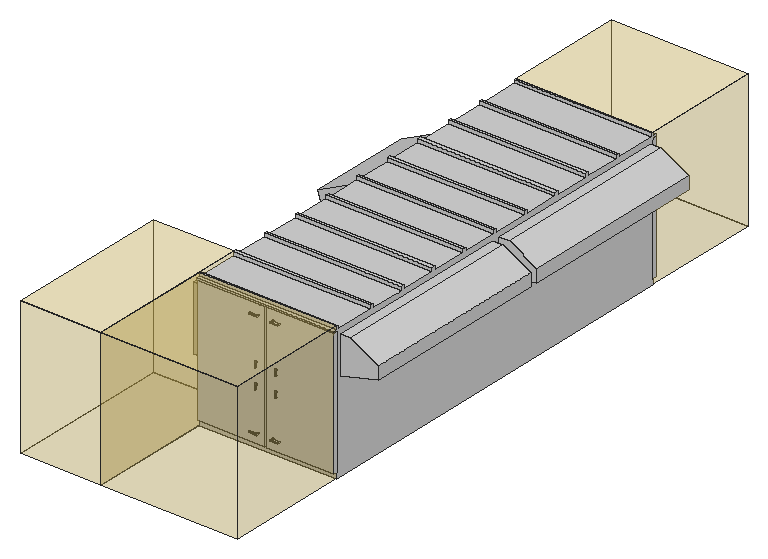
Revit family "Ventilator-RenewAire-Energy-Recovery-LE10XRTV", category Mechanical Equipment, Revit 2015
Parameters (values of type "10.0 HP 208-230 Three Phase")
  Voltage = "208-230"
  Ventilation Type = "Static Plate, Heat and Humidity Transfer"
  Unit Width = "205-1/2\""
  Unit Weight - Modular = "1,493-2,057 lbs."
  Unit Weight - Assembled = "3,031-3,993 lbs"
  Unit Length = "111-1/4\""
  Unit Height = "71-1/4\""
  Unit = Metal - RenewAire - Anodized - Gray Text
  URL = "www.renewaire.com"
  Typical Airflow Range = "2,500-11,000 CFM"
  Standard Features = "TEFC Premium efficiency motors, Motor starters, Non-fused disconnect, 24 VAC transformer/relay package, Rubber vibration isolators"
  Shipping Weight - Assembled = "4,433 lbs."
  Service Area Visibility = yes
  Service Area Box = Interference - RenewAire - Smooth - Light - Gold
  Revit Object Download Link = ""
  Phase = "Three"
  Options = "Integrated programmable controls, Fused disconnect, Double wall construction, Factory supplied and mounted variable frequency drives (VFDs) - one or both airstreams, Class 1 low-leakage motorized isolation dampers - OA, RA or both airstreams, Qty. 2 Factory mounted filter alarms, Exterior Paint - white, custom colors, Spring Vibration Isolators"
  Number Motors = "Qty. 2, Belt drive blower/ standard motor packages with choice of adjustable sheaves for low, medium or high blower speed"
  Model = "LE10XRTV"
  Minimum Circuit Amps = "60.8A"
  Maximum Overcurrent Protection = "80A"
  Max. Shipping Height - Modular = "78\""
  Max. Shipping Width - Assembled = "90\""
  Max. Shipping Weight - Module 2 = "2,245 lbs."
  Max. Shipping Weight - Module 1 = "2,277 lbs."
  Max. Shipping Width - Modular = "90\""
  Max. Shipping Length - Assembled = "240\""
  Max. Shipping Length - Modular = "120\""
  Max. Shipping Height - Assembled = "78\""
  Manufacturer = "RenewAire LLC"
  Frequency = "60 HZ"
  FLA per Motor = "27.0-24.4"
  Description = "Energy Recovery Ventilator"
  Connector Base Material = Glass - With - Transparency
  Accessories = "Filters - MERV 13, 2\" or 4\"; MERV 8, 4\"  (shipped loose), Roof curb - standard 14\", Curb wind clip,  Digital time clock - wall mount(TC7D-W), in exterior enclosure (TC7D-E), Motion occupancy control - ceiling mount(MC-C), wall mount(MC-W), Carbon Dioxide control - duct mount(CO2-D), wall mount (CO2-W), Electric duct heater – EK series (1-60 kW), EH series (61-175 kW); designed for indoor ductwork installation only, Indirect gas-fired duct furnace - GH series (50-400 MBH), installed downstream of any fans"
  AHRI 1060 Certified Core = "Ten L125-G5"
Types (14): name | Voltage | Phase | Minimum Circuit Amps | Maximum Overcurrent Protection | FLA per Motor | Accessories
  (no name) | "208-230" | "Three" | "60.8A" | "80A" | "27.0-24.4" | "Filters - MERV 13, 2\" or 4\"; MERV 8, 4\"  (shipped loose), Roof curb - standard 14\", Curb wind clip,  Digital time clock - wall mount(TC7D-W), in exterior enclosure (TC7D-E), Motion occupancy control - ceiling mount(MC-C), wall mount(MC-W), Carbon Dioxide control - duct mount(CO2-D), wall mount (CO2-W), Electric duct heater – EK series (1-60 kW), EH series (61-175 kW); designed for indoor ductwork installation only, Indirect gas-fired duct furnace - GH series (50-400 MBH), installed downstream of any fans"
  3.0 HP 208-230V Single Phase | "208-230" | "Single" | "33.1 A" | "40 A" | "14.7 - 14" | "Filters - MERV 13, 2\" or 4\"; MERV 8, 4\"  (shipped loose), Roof curb - standard 14\", Curb wind clip,  Digital time clock - wall mount(TC7D-W), in exterior enclosure (TC7D-E), Motion occupancy control - ceiling mount(MC-C), wall mount(MC-W), Carbon Dioxide control - duct mount(CO2-D), wall mount (CO2-W), Electric duct heater – EK series (1-60 kW), EH series (61-175 kW); designed for indoor ductwork installation only, Indirect gas-fired duct furnace - GH series (50-400 MBH), installed downstream of any fans"
  3.0 HP 208-230V Three Phase | "208-230" | "Three" | "21.1 A" | "25 A" | "9.38-8.48" | "Filters - MERV 13, 2\" or 4\"; MERV 8, 4\"  (shipped loose), Roof curb - standard 14\", Curb wind clip,  Digital time clock - wall mount(TC7D-W), in exterior enclosure (TC7D-E), Motion occupancy control - ceiling mount(MC-C), wall mount(MC-W), Carbon Dioxide control - duct mount(CO2-D), wall mount (CO2-W), Electric duct heater – EK series (1-60 kW), EH series (61-175 kW); designed for indoor ductwork installation only, Indirect gas-fired duct furnace - GH series (50-400 MBH), installed downstream of any fans"
  3.0 HP 460V Three Phase | "460" | "Three" | "9.5 A" | "15 A" | "4.24" | "Filters - MERV 13, 2\" or 4\"; MERV 8, 4\"  (shipped loose), Roof curb - standard 14\", Curb wind clip,  Digital time clock - wall mount(TC7D-W), in exterior enclosure (TC7D-E), Motion occupancy control - ceiling mount(MC-C), wall mount(MC-W), Carbon Dioxide control - duct mount(CO2-D), wall mount (CO2-W), Electric duct heater – EK series (1-60 kW), EH series (61-175 kW); designed for indoor ductwork installation only, Indirect gas-fired duct furnace - GH series (50-400 MBH), installed downstream of any fans"
  3.0 HP 575V Three Phase | "575" | "Three" | "7.4 A" | "15 A" | "3.3" | "Filters - MERV 13, 2\" or 4\"; MERV 8, 4\"  (shipped loose), Roof curb - standard 14\", Curb wind clip,  Digital time clock - wall mount(TC7D-W), in exterior enclosure (TC7D-E), Motion occupancy control - ceiling mount(MC-C), wall mount(MC-W), Carbon Dioxide control - duct mount(CO2-D), wall mount (CO2-W), Electric duct heater – EK series (1-60 kW), EH series (61-175 kW); designed for indoor ductwork installation only, Indirect gas-fired duct furnace - GH series (50-400 MBH), installed downstream of any fans"
  5.0 HP 208-230V Three Phase | "208-230" | "Three" | "32.6 A" | "45 A" | "14.5-13.4" | "Filters - MERV 13, 2\" or 4\"; MERV 8, 4\"  (shipped loose), Roof curb - standard 14\", Curb wind clip,  Digital time clock - wall mount(TC7D-W), in exterior enclosure (TC7D-E), Motion occupancy control - ceiling mount(MC-C), wall mount(MC-W), Carbon Dioxide control - duct mount(CO2-D), wall mount (CO2-W), Electric duct heater – EK series (1-60 kW), EH series (61-175 kW); designed for indoor ductwork installation only, Indirect gas-fired duct furnace - GH series (50-400 MBH), installed downstream of any fans"
  5.0 HP 460V Three Phase | "460" | "Three" | "15.1 A" | "20 A" | "6.7" | "Filters - MERV 13, 2\" or 4\"; MERV 8, 4\"  (shipped loose), Roof curb - standard 14\", Curb wind clip,  Digital time clock - wall mount(TC7D-W), in exterior enclosure (TC7D-E), Motion occupancy control - ceiling mount(MC-C), wall mount(MC-W), Carbon Dioxide control - duct mount(CO2-D), wall mount (CO2-W), Electric duct heater – EK series (1-60 kW), EH series (61-175 kW); designed for indoor ductwork installation only, Indirect gas-fired duct furnace - GH series (50-400 MBH), installed downstream of any fans"
  5.0 HP 575V Three Phase | "575" | "Three" | "11.9 A" | "15 A" | "5.3" | "Filters - MERV 13, 2\" or 4\"; MERV 8, 4\"  (shipped loose), Roof curb - standard 14\", Curb wind clip,  Digital time clock - wall mount(TC7D-W), in exterior enclosure (TC7D-E), Motion occupancy control - ceiling mount(MC-C), wall mount(MC-W), Carbon Dioxide control - duct mount(CO2-D), wall mount (CO2-W), Electric duct heater – EK series (1-60 kW), EH series (61-175 kW); designed for indoor ductwork installation only, Indirect gas-fired duct furnace - GH series (50-400 MBH), installed downstream of any fans"
  7.5 HP 208-230V Three Phase | "208-230" | "Three" | "47.3 A" | "60 A" | "21.0-19.0" | "Filters - MERV 13, 2\" or 4\"; MERV 8, 4\"  (shipped loose), Roof curb - standard 14\", Curb wind clip,  Digital time clock - wall mount(TC7D-W), in exterior enclosure (TC7D-E), Motion occupancy control - ceiling mount(MC-C), wall mount(MC-W), Carbon Dioxide control - duct mount(CO2-D), wall mount (CO2-W), Electric duct heater – EK series (1-60 kW), EH series (61-175 kW); designed for indoor ductwork installation only, Indirect gas-fired duct furnace - GH series (50-400 MBH), installed downstream of any fans\r\nFilters - MERV 13, 2\" or 4\"; MERV 8, 4\"  (shipped loose), Roof curb - standard 14\", Curb wind clip, Engineered combo curb for Carrier RTU, Engineered combo curb for Trane RTU, Digital time clock - wall mount(TC7D-W), in exterior enclosure (TC7D-E), Motion occupancy control - ceiling mount(MC-C), wall mount(MC-W), Carbon Dioxide control - duct mount(CO2-D), wall mount (CO2-W), Electric duct heater – EK series (1-60 kW); designed for indoor ductwork installation only, EH series (61-175 kW), Indirect gas-fired duct furnace - GH series (50-400 MBH), installed downstream of any fans"
  7.5 HP 460V Three Phase | "460" | "Three" | "21.4 A" | "25 A" | "9.5" | "Filters - MERV 13, 2\" or 4\"; MERV 8, 4\"  (shipped loose), Roof curb - standard 14\", Curb wind clip,  Digital time clock - wall mount(TC7D-W), in exterior enclosure (TC7D-E), Motion occupancy control - ceiling mount(MC-C), wall mount(MC-W), Carbon Dioxide control - duct mount(CO2-D), wall mount (CO2-W), Electric duct heater – EK series (1-60 kW), EH series (61-175 kW); designed for indoor ductwork installation only, Indirect gas-fired duct furnace - GH series (50-400 MBH), installed downstream of any fans"
  7.5 HP 575V Three Phase | "575" | "Three" | "17.1 A" | "20 A" | "7.6" | "Filters - MERV 13, 2\" or 4\"; MERV 8, 4\"  (shipped loose), Roof curb - standard 14\", Curb wind clip,  Digital time clock - wall mount(TC7D-W), in exterior enclosure (TC7D-E), Motion occupancy control - ceiling mount(MC-C), wall mount(MC-W), Carbon Dioxide control - duct mount(CO2-D), wall mount (CO2-W), Electric duct heater – EK series (1-60 kW), EH series (61-175 kW); designed for indoor ductwork installation only, Indirect gas-fired duct furnace - GH series (50-400 MBH), installed downstream of any fans"
  10.0 HP 208-230 Three Phase | "208-230" | "Three" | "60.8A" | "80A" | "27.0-24.4" | "Filters - MERV 13, 2\" or 4\"; MERV 8, 4\"  (shipped loose), Roof curb - standard 14\", Curb wind clip,  Digital time clock - wall mount(TC7D-W), in exterior enclosure (TC7D-E), Motion occupancy control - ceiling mount(MC-C), wall mount(MC-W), Carbon Dioxide control - duct mount(CO2-D), wall mount (CO2-W), Electric duct heater – EK series (1-60 kW), EH series (61-175 kW); designed for indoor ductwork installation only, Indirect gas-fired duct furnace - GH series (50-400 MBH), installed downstream of any fans"
  10.0 HP 460 Three Phase | "460" | "Three" | "27.5A" | "35A" | "12.2" | "Filters - MERV 13, 2\" or 4\"; MERV 8, 4\"  (shipped loose), Roof curb - standard 14\", Curb wind clip,  Digital time clock - wall mount(TC7D-W), in exterior enclosure (TC7D-E), Motion occupancy control - ceiling mount(MC-C), wall mount(MC-W), Carbon Dioxide control - duct mount(CO2-D), wall mount (CO2-W), Electric duct heater – EK series (1-60 kW), EH series (61-175 kW); designed for indoor ductwork installation only, Indirect gas-fired duct furnace - GH series (50-400 MBH), installed downstream of any fans"
  10.0 HP 575 Three Phase | "575" | "Three" | "22.0A" | "30A" | "9.76" | "Filters - MERV 13, 2\" or 4\"; MERV 8, 4\"  (shipped loose), Roof curb - standard 14\", Curb wind clip,  Digital time clock - wall mount(TC7D-W), in exterior enclosure (TC7D-E), Motion occupancy control - ceiling mount(MC-C), wall mount(MC-W), Carbon Dioxide control - duct mount(CO2-D), wall mount (CO2-W), Electric duct heater – EK series (1-60 kW), EH series (61-175 kW); designed for indoor ductwork installation only, Indirect gas-fired duct furnace - GH series (50-400 MBH), installed downstream of any fans"
Reference planes (in)
  plane 1 "Center (Front/Back)": y = 0
  plane 2: z = 0
  plane 3 "Center (Left/Right)": x = 0
Forms (in)
  Extrusion 1, solid, material "Metal - RenewAire - Anodized - Gray Text"
    sketch origin (-0.48313, -45.9375, 75.0345) x (1, 0, 0) y (0, 0, -1)
      loop
        circle (-3.25, 67.0345) r 0.25
    from -56.3125 to -55.5625
  Extrusion 2, solid, material "Metal - RenewAire - Anodized - Gray Text"
    sketch origin (-0.48313, -45.9375, 75.0345) x (0, 1, 0) y (0, 0, -1)
      loop
        line (-56.3125, 67.2845) -> (-57.1875, 67.2845) -> (-57.1875, 66.7845) -> (-56.3125, 66.7845) -> (-56.3125, 67.2845)
    from 2.95437 to 7.02735
  Extrusion 3, solid, material "Metal - RenewAire - Anodized - Gray Text"
    sketch origin (-0.4375, -45.9375, 128.569) x (1, 0, 0) y (0, 0, -1)
      loop
        circle (-3.25, 67.0345) r 0.25
    from -56.3125 to -55.5625
  Extrusion 4, solid, material "Metal - RenewAire - Anodized - Gray Text"
    sketch origin (-0.48313, -45.9375, 128.569) x (0, 1, 0) y (0, 0, -1)
      loop
        line (-56.3125, 67.2845) -> (-57.1875, 67.2845) -> (-57.1875, 66.7845) -> (-56.3125, 66.7845) -> (-56.3125, 67.2845)
    from 2.95437 to 7.02735
  Extrusion 5, solid, material "Interference - RenewAire - Smooth - Light - Gold", visible <- "Service Area Visibility"
    sketch origin (19.25, -40, 0) x (1, 0, 0) y (0, 1, 0)
      loop
        line (-53.875, -38.125) -> (-94.8125, -38.125) -> (-94.8125, -122.25) -> (-53.875, -122.25) -> (-53.875, -38.125)
    from 0 to 69.25
  Extrusion 6, solid, material "Interference - RenewAire - Smooth - Light - Gold", visible <- "Service Area Visibility"
    sketch origin (0, -85.75, 0) x (1, 0, 0) y (0, 1, 0)
      loop
        line (34.625, -14.25) -> (-34.625, -14.25) -> (-34.625, -76.5) -> (34.625, -76.5) -> (34.625, -14.25)
    from 0 to 69.25
  Extrusion 7, solid, material "Metal - RenewAire - Anodized - Gray Text"
    sketch origin (0, 0, 0) x (0, 1, 0) y (0, 0, 1)
      loop
        line (99.25, 67.5) -> (78.35, 67.5) -> (78.35, 69.25) -> (76.85, 69.25) -> (76.85, 67.5) -> (58.95, 67.5) -> (58.95, 69.25) -> (57.45, 69.25) -> (57.45, 67.5) -> (39.55, 67.5) -> (39.55, 69.25) -> (38.05, 69.25) -> (38.05, 67.5) -> (20.15, 67.5) -> (20.15, 69.25) -> (18.65, 69.25) -> (18.65, 67.5) -> (0.75, 67.5) -> (0.75, 69.25) -> (-0.75, 69.25) -> (-0.75, 67.5) -> (-18.65, 67.5) -> (-18.65, 69.25) -> (-20.15, 69.25) -> (-20.15, 67.5) -> (-38.05, 67.5) -> (-38.05, 69.25) -> (-39.55, 69.25) -> (-39.55, 67.5) -> (-57.525, 67.5) -> (-57.525, 69.25) -> (-59.025, 69.25) -> (-59.025, 67.5) -> (-76.925, 67.5) -> (-76.925, 69.25) -> (-78.425, 69.25) -> (-78.425, 67.5) -> (-99.25, 67.5) -> (-99.25, 69.25) -> (-100, 69.25) -> (-100, 67.75) -> (-102, 67.75) -> (-102, 67) -> (-100, 67) -> (-100, 0) -> (100, 0) -> (100, 67) -> (102, 67) -> (102, 67.75) -> (100, 67.75) -> (100, 69.25) -> (99.25, 69.25) -> (99.25, 67.5)
    from -34.625 to 34.625
  Extrusion 8, solid, material "Interference - RenewAire - Smooth - Light - Gold", visible <- "Service Area Visibility"
    sketch origin (0, 7.34732, 0) x (1, 0, 0) y (0, 1, 0)
      loop
        line (34.625, 152.90268) -> (-34.625, 152.90268) -> (-34.625, 92.65268) -> (34.625, 92.65268) -> (34.625, 152.90268)
    from 0 to 69.25
  Extrusion 9, solid, material "Metal - RenewAire - Anodized - Gray Text"
    sketch origin (0, 0, 0) x (1, 0, 0) y (0, 0, 1)
      loop
        line (-34.625, 66.5) -> (-34.625, 3) -> (-0.5625, 3) -> (-0.5625, 66.5) -> (-34.625, 66.5)
    from 100 to 101.5
  Extrusion 10, solid, material "Metal - RenewAire - Anodized - Gray Text"
    sketch origin (-6.80202, 0, 0) x (1, 0, 0) y (0, 0, 1)
      loop
        line (7.36452, 66.5) -> (7.36452, 3) -> (41.42702, 3) -> (41.42702, 66.5) -> (7.36452, 66.5)
    from 100 to 101.5
  Extrusion 11, solid, material "Metal - RenewAire - Anodized - Gray Text"
    sketch origin (0, 0, 0) x (1, 0, 0) y (0, 0, 1)
      loop
        line (-34.625, 66.5) -> (-34.625, 3) -> (-0.5625, 3) -> (-0.5625, 66.5) -> (-34.625, 66.5)
    from -101.5 to -100
  Extrusion 12, solid, material "Metal - RenewAire - Anodized - Gray Text"
    sketch origin (-6.80202, 0, 0) x (1, 0, 0) y (0, 0, 1)
      loop
        line (7.36452, 66.5) -> (7.36452, 3) -> (41.42702, 3) -> (41.42702, 66.5) -> (7.36452, 66.5)
    from -101.5 to -100
  Extrusion 13, solid, material "Metal - RenewAire - Anodized - Gray Text"
    sketch origin (0, -40, 0) x (0, 1, 0) y (0, 0, 1)
      loop
        line (-38.125, 62) -> (-57.5, 62) -> (-57.5, 29.625) -> (-38.125, 29.625) -> (-38.125, 62)
    from -39.5625 to -34.625
  Extrusion 14, solid, material "Metal - RenewAire - Anodized - Gray Text"
    sketch origin (0, -40, 0) x (0, 1, 0) y (0, 0, 1)
      loop
        line (-49, 43.625) -> (-51.5, 43.625) -> (-51.5, 41.125) -> (-49, 41.125) -> (-49, 43.625)
    from -39.8125 to -39.5625
  Extrusion 15, solid, material "Metal - RenewAire - Anodized - Gray Text"
    sketch origin (0, -40, 0) x (0, 1, 0) y (0, 0, 1)
      loop
        circle (-50.24745, 42.375) r 1
    from -40.8125 to -39.8125
  Extrusion 16, solid, material "Metal - RenewAire - Anodized - Gray Text"
    sketch origin (0.48313, -45.9375, 75.0345) x (-1, 0, 0) y (0, 0, 1)
      loop
        circle (-3.25, -67.0345) r 0.25
    from -56.3125 to -55.5625
  Extrusion 17, solid, material "Metal - RenewAire - Anodized - Gray Text"
    sketch origin (0.48313, -45.9375, 75.0345) x (0, 1, 0) y (0, 0, 1)
      loop
        line (-56.3125, -67.2845) -> (-56.3125, -66.7845) -> (-57.1875, -66.7845) -> (-57.1875, -67.2845) -> (-56.3125, -67.2845)
    from 2.95437 to 7.02735
  Extrusion 18, solid, material "Metal - RenewAire - Anodized - Gray Text"
    sketch origin (0.4375, -45.9375, 128.569) x (-1, 0, 0) y (0, 0, 1)
      loop
        circle (-3.25, -67.0345) r 0.25
    from -56.3125 to -55.5625
  Extrusion 19, solid, material "Metal - RenewAire - Anodized - Gray Text"
    sketch origin (0.48313, -45.9375, 128.569) x (0, 1, 0) y (0, 0, 1)
      loop
        line (-56.3125, -67.2845) -> (-56.3125, -66.7845) -> (-57.1875, -66.7845) -> (-57.1875, -67.2845) -> (-56.3125, -67.2845)
    from 2.95437 to 7.02735
  Extrusion 20, solid, material "Metal - RenewAire - Anodized - Gray Text"
    sketch origin (-0.48313, 45.9375, 75.0345) x (1, 0, 0) y (0, 0, 1)
      loop
        circle (-3.25, -67.0345) r 0.25
    from -56.3125 to -55.5625
  Extrusion 21, solid, material "Metal - RenewAire - Anodized - Gray Text"
    sketch origin (-0.48313, 45.9375, 75.0345) x (0, -1, 0) y (0, 0, 1)
      loop
        line (-56.3125, -67.2845) -> (-56.3125, -66.7845) -> (-57.1875, -66.7845) -> (-57.1875, -67.2845) -> (-56.3125, -67.2845)
    from 2.95437 to 7.02735
  Extrusion 22, solid, material "Metal - RenewAire - Anodized - Gray Text"
    sketch origin (-0.4375, 45.9375, 128.569) x (1, 0, 0) y (0, 0, 1)
      loop
        circle (-3.25, -67.0345) r 0.25
    from -56.3125 to -55.5625
  Extrusion 23, solid, material "Metal - RenewAire - Anodized - Gray Text"
    sketch origin (-0.48313, 45.9375, 128.569) x (0, -1, 0) y (0, 0, 1)
      loop
        line (-56.3125, -67.2845) -> (-56.3125, -66.7845) -> (-57.1875, -66.7845) -> (-57.1875, -67.2845) -> (-56.3125, -67.2845)
    from 2.95437 to 7.02735
  Extrusion 24, solid, material "Metal - RenewAire - Anodized - Gray Text"
    sketch origin (0.48313, 45.9375, 75.0345) x (-1, 0, 0) y (0, 0, -1)
      loop
        circle (-3.25, 67.0345) r 0.25
    from -56.3125 to -55.5625
  Extrusion 25, solid, material "Metal - RenewAire - Anodized - Gray Text"
    sketch origin (0.48313, 45.9375, 75.0345) x (0, -1, 0) y (0, 0, -1)
      loop
        line (-56.3125, 67.2845) -> (-57.1875, 67.2845) -> (-57.1875, 66.7845) -> (-56.3125, 66.7845) -> (-56.3125, 67.2845)
    from 2.95437 to 7.02735
  Extrusion 26, solid, material "Metal - RenewAire - Anodized - Gray Text"
    sketch origin (0.4375, 45.9375, 128.569) x (-1, 0, 0) y (0, 0, -1)
      loop
        circle (-3.25, 67.0345) r 0.25
    from -56.3125 to -55.5625
  Extrusion 27, solid, material "Metal - RenewAire - Anodized - Gray Text"
    sketch origin (0.48313, 45.9375, 128.569) x (0, -1, 0) y (0, 0, -1)
      loop
        line (-56.3125, 67.2845) -> (-57.1875, 67.2845) -> (-57.1875, 66.7845) -> (-56.3125, 66.7845) -> (-56.3125, 67.2845)
    from 2.95437 to 7.02735
  Extrusion 28, void
    sketch origin (0, 0, 0) x (1, 0, 0) y (0, 1, 0)
      loop
        line (-26.75, -5.375) -> (-26.75, -53.375) -> (-7.75, -53.375) -> (-7.75, -5.375) -> (-26.75, -5.375)
    from -2.22657 to 4.75
  Extrusion 29, void
    sketch origin (0, 0, 0) x (1, 0, 0) y (0, 1, 0)
      loop
        line (2.75, -5.375) -> (2.75, -53.375) -> (26.75, -53.375) -> (26.75, -5.375) -> (2.75, -5.375)
    from -2.22657 to 4.75
  Extrusion 30, solid, material "Metal - RenewAire - Anodized - Gray Text"
    sketch origin (0, 0, 0.25) x (1, 0, 0) y (0, 0, 1)
      loop
        line (-34.625, 64.375) -> (-56.875, 53.375) -> (-51.875, 37) -> (-34.625, 37) -> (-34.625, 64.375)
    from -55.375 to -2.75
  Extrusion 31, solid, material "Metal - RenewAire - Anodized - Gray Text"
    sketch origin (0, 0, 0) x (1, 0, 0) y (0, 0, 1)
      loop
        line (34.625, 65) -> (34.625, 46) -> (54.25, 51) -> (54.25, 57.5) -> (40.375, 65) -> (34.625, 65)
    from 2 to 98
  Extrusion 32, solid, material "Metal - RenewAire - Anodized - Gray Text"
    sketch origin (0, 0, 0) x (1, 0, 0) y (0, 0, 1)
      loop
        line (34.625, 65) -> (34.625, 46) -> (54.25, 51) -> (54.25, 57.5) -> (40.375, 65) -> (34.625, 65)
    from -98 to -2
  Extrusion 33, void
    sketch origin (0, 0, 0) x (1, 0, 0) y (0, 1, 0)
      loop
        line (-34.125, 98.75) -> (-34.125, -99) -> (34.125, -99) -> (34.125, 98.75) -> (-34.125, 98.75)
    from -1.04043 to 4.625
Cuts and joins
  Extrusion 28, Extrusion 29, Extrusion 33 cuts Extrusion 7
Dimensions and locks (in)
  aligned and locked: level to plane 2
  aligned and locked: Extrusion 6 to Extrusion 10
  aligned and locked: Extrusion 6 to Extrusion 12
  aligned and locked: Extrusion 6 to Extrusion 7  (x2)
Nested families (in)
  nested 1: "Monitoring Port" at (-5.0625, -101.5, 27.071), type "Monitoring Port"
  nested 2: "Monitoring Port" at (-5.0625, -101.5, 37.1055), type "Monitoring Port"
  nested 3: "Monitoring Port" at (5.0625, -101.5, 27.071) x (-1, 0, 0) z (0, 0, 1), type "Monitoring Port"
  nested 4: "Monitoring Port" at (5.0625, -101.5, 37.1055) x (-1, 0, 0) z (0, 0, 1), type "Monitoring Port"
  nested 5: "Monitoring Port" at (-5.0625, 101.5, 27.071), type "Monitoring Port"
  nested 6: "Monitoring Port" at (-5.0625, 101.5, 37.1055), type "Monitoring Port"
  nested 7: "Monitoring Port" at (5.0625, 101.5, 27.071) x (-1, 0, 0) z (0, 0, 1), type "Monitoring Port"
  nested 8: "Monitoring Port" at (5.0625, 101.5, 37.1055) x (-1, 0, 0) z (0, 0, 1), type "Monitoring Port"
Connectors (in)
  hvac at (14.75, -29.375, 4.75)
    settings: on cut or joined group of Extrusion 7, Extrusion 28, Extrusion 29, Extrusion 33, index 3, duct flow 0 CFM, flow factor 0, pres drop 0.00 in-wg, loss coef 0, conn angle 0.00°, conn width 48", conn height 24", conn diameter 24", duct sys type 2, conn prof type 1, flow config 0, flow direction 1, loss method 0, conn ref index -1, conn util no, is conn primary yes, conn desc "RA (Return Air)"
  hvac at (-17.25, -29.375, 4.75)
    settings: on cut or joined group of Extrusion 7, Extrusion 28, Extrusion 29, Extrusion 33, index 4, duct flow 0 CFM, flow factor 0, pres drop 0.00 in-wg, loss coef 0, conn angle 0.00°, conn width 48", conn height 19", conn diameter 24", duct sys type 1, conn prof type 1, flow config 0, flow direction 2, loss method 0, conn ref index -1, conn util no, is conn primary no, conn desc "FA (Fresh Air)"
Definition of nested family "Monitoring Port"
  Parameters (values of type "Monitoring Port")
    URL = "www.renewaire.com"
    Revit Object Download Link = ""
    Model = ""
    Manufacturer = "RenewAire LLC"
    Description = "Monitoring Ports"
  Reference planes (in)
    plane 1 "Center (Front/Back)": y = 0
    plane 2: z = 0
    plane 3 "Center (Left/Right)": x = 0
  Forms (in)
    Extrusion 1, solid
      sketch origin (-9.43348, 0, 37.76669) x (-1, 0, 0) y (0, 0, -1)
        loop
          line (-9.53348, 35.65895) -> (-9.94097, 35.42369) -> (-9.94097, 34.83769) -> (-9.43348, 34.54469) -> (-8.92599, 34.83769) -> (-8.92599, 35.42369) -> (-9.33348, 35.65895) -> (-9.33348, 37.28756)
          arc (-9.33348, 37.28756) -> (-9.43348, 37.76669) -> (-9.53348, 37.28756) r 0.25
          line (-9.53348, 37.28756) -> (-9.53348, 35.65895)
      from 0 to 0.25
  Dimensions and locks (in)
    aligned and locked: level to plane 2
